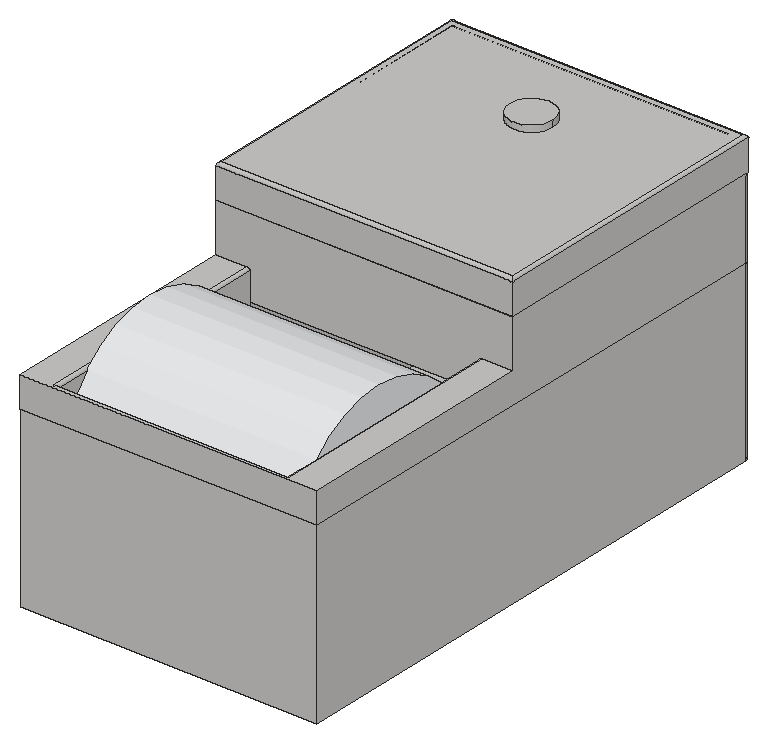
Revit family "rba-bim-b4288", category Specialty Equipment, host Face, Revit 2018
Family settings
  Host = Face
  Round Connector Dimension = Use Diameter
  Part Type = Normal
  OmniClass Number = 23.40.20.21.21
  OmniClass Title = Toilet Paper Dispensers
  Cut with Voids When Loaded = No
  Shared = No
  Room Calculation Point = No
Parameters (values of type "B-4288")
  URL = "www.rba.com.au"
  Type Comments = "Satin Finish"
  Product Page URL = ""
  Modified Issue = "20200612.01"
  Model = "B4288"
  Materials and Finishes = Stainless Steel - Bobrick - Satin
  Manufacturer = "RBA Group"
  Description = "Surface-Mounted Multi-Roll Toilet Tissue Dispenser"
  Default Elevation = 0.7112 m
  Copyright by = "RBA Group"  # constant formula
  Assembly Code = "C1030200"
  ADA Compliant = yes
Reference planes (m)
  plane 1 "Center (Front/Back)": y = 0
  plane 2: z = 0
  plane 3 "Center (Left/Right)": x = 0
  plane 4 "Left": x = -0.076994
  plane 5 "Right": x = 0.076994
  plane 6 "Top": y = 0.1397
  plane 7 "Bottom": y = -0.1397
  plane 8: x = -0.059531
  plane 9: x = 0.059531
  plane 10: y = -0.017463
  plane 11: y = -0.138113
  plane 12: x = -0.075406
  plane 13: x = 0.075406
  plane 14: y = 0.138112
  plane 15: y = -0.0127
  plane 16: z = 0.150812
  plane 17: z = 0.092075
  plane 18: z = 0.149225
  plane 19: z = 0.001587
  plane 20: z = 0.13335
  plane 21: z = 0.093662
  plane 22: z = 0.10795
  plane 23: y = 0.09525
  plane 24: z = 0.153987
  plane 25: y = -0.077788
  plane 26: z = 0.066675
  plane 27: z = 0
Forms (m)
  Extrusion 1, solid, material "Stainless Steel - Bobrick - Satin" <- "Materials and Finishes"
    sketch origin (0, 0, 0) x (1, 0, 0) y (0, 1, 0)
      loop
        arc (-0.075406, 0.1397) -> (-0.076529, 0.139235) -> (-0.076994, 0.138112) r 0.001588
        line (-0.076994, 0.138112) -> (-0.076994, -0.1397) -> (0.076994, -0.1397) -> (0.076994, 0.138123)
        arc (0.076994, 0.138123) -> (0.076532, 0.139238) -> (0.075417, 0.1397) r 0.001577
        line (0.075417, 0.1397) -> (-0.075406, 0.1397)
      loop
        line (-0.075406, 0.138112) -> (-0.075406, -0.138113) -> (0.075406, -0.138113) -> (0.075406, 0.138112) -> (-0.075406, 0.138112)
    from 0 to 0.092075
  Extrusion 2, solid, material "Stainless Steel - Bobrick - Satin" <- "Materials and Finishes"
    sketch origin (0, 0, 0) x (1, 0, 0) y (0, 1, 0)
      loop
        line (-0.076994, 0.138112) -> (-0.076994, -0.1397) -> (0.076994, -0.1397) -> (0.076994, 0.138123)
        arc (0.076994, 0.138123) -> (0.076532, 0.139238) -> (0.075417, 0.1397) r 0.001577
        line (0.075417, 0.1397) -> (-0.075406, 0.1397)
        arc (-0.075406, 0.1397) -> (-0.076529, 0.139235) -> (-0.076994, 0.138112) r 0.001588
    from 0 to 0.001587
  Sweep 3, solid, material "Stainless Steel - Bobrick - Satin" <- "Materials and Finishes"
    path origin (0, 0, 0) x (1, 0, 0) y (0, 1, 0)
      loop
        line (-0.076994, 0.1397) -> (-0.076994, -0.0127) -> (0.076994, -0.0127) -> (0.076994, 0.1397) -> (-0.076994, 0.1397)
    profile origin (0, 0.1397, 0) x (0, 1, 0) y (0, 0, 1)
      loop
        line (0, 0.13335) -> (0, 0.149225)
        arc (0, 0.149225) -> (-0.000465, 0.150348) -> (-0.001587, 0.150812) r 0.001588
        line (-0.001587, 0.150812) -> (-0.007938, 0.150812) -> (-0.007938, 0.149225) -> (-0.003175, 0.149225)
        arc (-0.003175, 0.149225) -> (-0.002052, 0.14876) -> (-0.001588, 0.147637) r 0.001588
        line (-0.001588, 0.147637) -> (-0.001587, 0.13335) -> (0, 0.13335)
  Extrusion 4, solid, material "Stainless Steel - Bobrick - Satin" <- "Materials and Finishes"
    sketch origin (0, 0, 0) x (1, 0, 0) y (0, 1, 0)
      loop
        line (-0.069056, 0.131762) -> (-0.069056, -0.004763) -> (0.069056, -0.004763) -> (0.069056, 0.131762) -> (-0.069056, 0.131762)
    from 0.149225 to 0.150812
  Extrusion 5, solid, material "Stainless Steel - Bobrick - Satin" <- "Materials and Finishes"
    sketch origin (0, 0, 0) x (1, 0, 0) y (0, 1, 0)
      loop
        arc (-0.075406, 0.1397) -> (-0.076529, 0.139235) -> (-0.076994, 0.138112) r 0.001588
        line (-0.076994, 0.138112) -> (-0.076994, -0.0127) -> (0.076994, -0.0127) -> (0.076994, 0.138123)
        arc (0.076994, 0.138123) -> (0.076532, 0.139238) -> (0.075417, 0.1397) r 0.001577
        line (0.075417, 0.1397) -> (-0.075406, 0.1397)
    from 0.092075 to 0.13335
  Extrusion 6, solid, material "Stainless Steel - Bobrick - Satin" <- "Materials and Finishes"
    sketch origin (0, 0, 0.014288) x (1, 0, 0) y (0, 0, 1)
      loop
        line (-0.075406, 0.092075) -> (-0.061377, 0.092075) -> (-0.061377, -0.0127) -> (-0.059531, -0.0127) -> (-0.059531, 0.092075)
        arc (-0.059531, 0.092075) -> (-0.059996, 0.093198) -> (-0.061119, 0.093663) r 0.001588
        line (-0.061119, 0.093663) -> (-0.075406, 0.093663) -> (-0.075406, 0.092075)
      loop
        line (0.075406, 0.092075) -> (0.075406, 0.093663) -> (0.061119, 0.093663)
        arc (0.061119, 0.093663) -> (0.059996, 0.093198) -> (0.059531, 0.092075) r 0.001588
        line (0.059531, 0.092075) -> (0.059531, -0.0127) -> (0.061377, -0.0127) -> (0.061377, 0.092075) -> (0.075406, 0.092075)
    from 0.0127 to 0.138112
  Extrusion 7, solid, material "Stainless Steel - Bobrick - Satin" <- "Materials and Finishes"
    sketch origin (0, 0, 0) x (1, 0, 0) y (0, 1, 0)
      loop
        line (-0.077016, -0.012721) -> (-0.077016, -0.1397) -> (0.076994, -0.1397) -> (0.076994, -0.0127) -> (0.075406, -0.0127) -> (0.075406, -0.138113) -> (-0.075406, -0.138113) -> (-0.075406, -0.012721) -> (-0.077016, -0.012721)
    from 0.092075 to 0.10795
  Extrusion 8, solid, material "Stainless Steel - Bobrick - Satin" <- "Materials and Finishes", detail levels fine
    sketch origin (0, 0, 0) x (1, 0, 0) y (0, 1, 0)
      loop
        circle (0, 0.09525) r 0.011113
    from 0.150812 to 0.153987
  Extrusion 9, solid, material "Tissue - Bobrick", detail levels medium+fine
    sketch origin (0, 0, 0) x (0, 1, 0) y (0, 0, 1)
      loop
        circle (-0.077788, 0.066675) r 0.05715
      loop
        circle (-0.077788, 0.066675) r 0.0127
    from -0.059531 to 0.059531
Cuts and joins
  joined: Sweep 3, Extrusion 4
  joined: Extrusion 5, Extrusion 6, Extrusion 7
  joined: Extrusion 1, Extrusion 2
Lines and regions (m)
  Masking region 1
    outline origin (0, 0, 0.153987) x (1, 0, 0) y (0, 1, 0)
      loop
        line (-0.077015, 0.139722) -> (-0.077015, -0.1397) -> (0.076994, -0.1397) -> (0.076994, 0.139722) -> (-0.077015, 0.139722)
  Masking region 2
    outline origin (0, 0, 0) x (1, 0, 0) y (0, 0, 1)
      loop
        line (0.076994, 0) -> (0.076994, 0.149357)
        spline (0.076994, 0.149357) -> (0.076945, 0.14956) -> (0.07688, 0.149755) -> (0.076801, 0.149939) -> (0.076708, 0.150109) -> (0.076603, 0.150264) -> (0.076486, 0.150403) -> (0.076359, 0.150523) -> (0.076223, 0.150623) -> (0.07608, 0.150702) -> (0.075932, 0.150759) -> (0.07578, 0.150794) -> (0.075626, 0.150813)
        line (0.075626, 0.150813) -> (-0.075622, 0.150805)
        spline (-0.075622, 0.150805) -> (-0.075773, 0.150793) -> (-0.075924, 0.150759) -> (-0.076071, 0.150701) -> (-0.076213, 0.150621) -> (-0.076348, 0.15052) -> (-0.076475, 0.150399) -> (-0.076593, 0.150259) -> (-0.0767, 0.150102) -> (-0.076794, 0.14993) -> (-0.076875, 0.149745) -> (-0.076942, 0.149548) -> (-0.076994, 0.149343)
        line (-0.076994, 0.149343) -> (-0.076994, 0) -> (0.076994, 0)
  Masking region 3, detail levels fine
    outline origin (0, 0, 0) x (1, 0, 0) y (0, 0, 1)
      loop
        line (-0.011112, 0.153987) -> (-0.011112, 0.150813) -> (0.011113, 0.150813) -> (0.011113, 0.153987) -> (-0.011112, 0.153987)
  Masking region 4
    outline origin (0, 0, 0) x (0, 1, 0) y (0, 0, 1)
      loop
        line (0.1397, 0) -> (0.1397, 0.149225)
        arc (0.1397, 0.149225) -> (0.139235, 0.150348) -> (0.138112, 0.150812) r 0.001588
        line (0.138112, 0.150812) -> (-0.011113, 0.150812)
        arc (-0.011113, 0.150812) -> (-0.012235, 0.150348) -> (-0.0127, 0.149225) r 0.001588
        line (-0.0127, 0.149225) -> (-0.0127, 0.10795) -> (-0.1397, 0.10795) -> (-0.1397, 0) -> (0.1397, 0)
  Masking region 5, detail levels fine
    outline origin (0, 0, 0) x (0, 1, 0) y (0, 0, 1)
      loop
        line (0.106362, 0.153987) -> (0.084137, 0.153987) -> (0.084137, 0.150812) -> (0.106362, 0.150812) -> (0.106362, 0.153987)
  Masking region 6, detail levels medium+fine
    outline origin (0, 0, 0) x (0, 1, 0) y (0, 0, 1)
      loop
        arc (-0.038259, 0.10795) -> (-0.077788, 0.123825) -> (-0.117316, 0.10795) r 0.05715
        line (-0.117316, 0.10795) -> (-0.038259, 0.10795)
  symbolic lines, style "Restroom Accessories"
    curve 1: line (-0.076994, -0.017463, 0.153987) -> (-0.059531, -0.017463, 0.153987)
    curve 2: line (-0.059531, -0.017463, 0.153987) -> (-0.059531, -0.1397, 0.153987)
    curve 3: line (0.059531, -0.1397, 0.153987) -> (0.059531, -0.017463, 0.153987)
    curve 4: line (0.059531, -0.017463, 0.153987) -> (0.076994, -0.017463, 0.153987)
    curve 5: line (-0.077016, -0.012721, 0.153987) -> (0.076994, -0.012721, 0.153987)
    curve 6: line (0.075406, -0.017463, 0.153987) -> (0.075406, -0.012721, 0.153987)
    curve 7: line (-0.075406, -0.017463, 0.153987) -> (-0.075406, -0.012721, 0.153987)
    curve 13: line (0, 0.1397, 0.093662) -> (0, -0.1397, 0.093662)
    curve 14: line (0, 0.1397, 0.13335) -> (0, -0.0127, 0.13335)
  symbolic lines, style "Restroom Accessories", detail levels fine
    curve 8: arc (0.011113, 0.09525, 0.153987) -> (0, 0.106362, 0.153987) -> (-0.011112, 0.09525, 0.153987) r 0.011113
    curve 9: arc (-0.011112, 0.09525, 0.153987) -> (0, 0.084137, 0.153987) -> (0.011113, 0.09525, 0.153987) r 0.011113
    curve 10: spline (0, 0.0889, 0.153987) -> (0.000411, 0.089116, 0.153987) -> (0.000794, 0.089751, 0.153987) -> (0.001123, 0.09076, 0.153987) -> (0.001375, 0.092075, 0.153987) -> (0.001533, 0.093606, 0.153987) -> (0.001588, 0.09525, 0.153987) -> (0.001533, 0.096894, 0.153987) -> (0.001375, 0.098425, 0.153987) -> (0.001123, 0.09974, 0.153987) -> (0.000794, 0.100749, 0.153987) -> (0.000411, 0.101384, 0.153987) -> (0, 0.1016, 0.153987) -> (-0.000411, 0.101384, 0.153987) -> (-0.000794, 0.100749, 0.153987) -> (-0.001123, 0.09974, 0.153987) -> (-0.001375, 0.098425, 0.153987) -> (-0.001533, 0.096894, 0.153987) -> (-0.001587, 0.09525, 0.153987) -> (-0.001533, 0.093606, 0.153987) -> (-0.001375, 0.092075, 0.153987) -> (-0.001123, 0.09076, 0.153987) -> (-0.000794, 0.089751, 0.153987) -> (-0.000411, 0.089116, 0.153987) -> (0, 0.0889, 0.153987)
  symbolic lines, style "Restroom Accessories", detail levels medium+fine
    curve 11: line (-0.059531, -0.134938, 0.153987) -> (0.059531, -0.134938, 0.153987)
    curve 12: line (-0.059531, -0.020638, 0.153987) -> (0.059531, -0.020638, 0.153987)
Dimensions and locks (m)
  equal spacing: plane 4 "Left", plane 3 "Center (Left/Right)", plane 5 "Right"
  locked: plane 4 "Left" to plane 5 "Right" at 0.153987
  equal spacing: plane 6 "Top", plane 1 "Center (Front/Back)", plane 7 "Bottom"
  locked: plane 6 "Top" to plane 7 "Bottom" at 0.2794
  locked: plane 4 "Left" to plane 8 at 0.017463
  locked: plane 9 to plane 5 "Right" at 0.017463
  locked: plane 7 "Bottom" to plane 10 at 0.122237
  locked: plane 7 "Bottom" to plane 11 at 0.001588
  locked: plane 4 "Left" to plane 12 at 0.001588
  locked: plane 13 to plane 5 "Right" at 0.001588
  locked: plane 6 "Top" to plane 14 at 0.001588
  locked: plane 6 "Top" to plane 15 at 0.1524
  locked: plane 16 to level at 0.150813
  locked: plane 16 to plane 18 at 0.001587
  locked: plane 19 to level at 0.001587
  locked: plane 16 to plane 20 at 0.017463
  locked: plane 18 to plane 17 at 0.05715
  plane 17 to level = 0.092075 m
  locked: plane 21 to plane 17 at 0.001587
  plane 22 to plane 17 = 0.015875 m
  locked: Extrusion 6 sketch curve to Extrusion 6 sketch curve at 0.001846  (x2)
  Extrusion 6 sketch curve to Extrusion 6 sketch curve = 0.001846 m
  locked: plane 24 to plane 16 at 0.003175
  locked: plane 3 "Center (Left/Right)" to Extrusion 8 sketch curve at 0
  locked: plane 23 to Extrusion 8 sketch curve at 0
  locked: plane 25 to Extrusion 9 sketch curve  (x2)
  locked: plane 26 to Extrusion 9 sketch curve at 0  (x2)
  locked: plane 26 to plane 2 at 0.066675
  aligned and locked: plane 2 to host face
  aligned and locked: level to host face
  aligned and locked: Extrusion 1 sketch curve to plane 6 "Top"
  aligned and locked: Extrusion 1 sketch curve to plane 4 "Left"
  aligned and locked: Extrusion 1 sketch curve to plane 7 "Bottom"
  aligned and locked: Extrusion 1 sketch curve to plane 5 "Right"
  aligned and locked: plane 14 to Extrusion 1 sketch curve
  aligned and locked: Extrusion 1 sketch curve to plane 12
  aligned and locked: Extrusion 1 sketch curve to plane 11
  aligned and locked: plane 13 to Extrusion 1 sketch curve
  aligned and locked: Extrusion 1 to level
  aligned and locked: Extrusion 2 sketch curve to Extrusion 1  (x2)
  aligned and locked: Extrusion 2 to level
  aligned and locked: plane 19 to Extrusion 2
  aligned and locked: plane 17 to Extrusion 1
  aligned and locked: Sweep 3 sketch curve to plane 4 "Left"
  aligned and locked: Sweep 3 sketch curve to plane 15
  aligned and locked: plane 6 "Top" to Sweep 3 sketch curve
  aligned and locked: plane 16 to Sweep 3 sketch curve
  aligned and locked: plane 20 to Sweep 3 sketch curve
  aligned and locked: Sweep 3 sketch curve to plane 14
  aligned and locked: plane 18 to Sweep 3 sketch curve
  aligned and locked: Extrusion 4 sketch curve to Sweep 3  (x4)
  aligned and locked: Extrusion 4 to plane 18
  aligned and locked: plane 16 to Extrusion 4
  aligned and locked: Extrusion 5 sketch curve to cut or joined group of Sweep 3, Extrusion 4  (x2)
  aligned and locked: plane 20 to Extrusion 5
  aligned: Extrusion 5 to plane 21
  aligned and locked: Extrusion 5 to plane 17
  aligned and locked: Extrusion 6 sketch curve to plane 19
  aligned and locked: plane 19 to Extrusion 6 sketch curve
  aligned and locked: plane 22 to Extrusion 6 sketch curve
  aligned and locked: plane 9 to Extrusion 6 sketch curve
  aligned and locked: plane 8 to Extrusion 6 sketch curve
  aligned and locked: Extrusion 6 sketch curve to plane 22
  aligned and locked: Extrusion 6 sketch curve to plane 12
  aligned and locked: Extrusion 6 sketch curve to plane 13
  aligned and locked: Extrusion 7 sketch curve to cut or joined group of Sweep 3, Extrusion 4  (x2)
  aligned and locked: Extrusion 7 sketch curve to plane 13
  aligned and locked: Extrusion 7 to plane 17
  aligned and locked: plane 22 to Extrusion 7
  aligned and locked: plane 11 to Extrusion 6
  aligned and locked: Extrusion 8 to plane 16
  aligned and locked: plane 24 to Extrusion 8
  aligned and locked: plane 8 to Extrusion 9
  aligned and locked: Extrusion 9 to plane 9
  aligned and locked: Masking region 1 sketch curve to cut or joined group of Sweep 3, Extrusion 4  (x2)
  aligned and locked: plane 10 to curve 1
  aligned and locked: curve 5 to cut or joined group of Sweep 3, Extrusion 4
  aligned and locked: curve 8 to Extrusion 8
  aligned and locked: curve 9 to Extrusion 8
  aligned and locked: host face to Masking region 2 sketch curve
  aligned and locked: Masking region 2 sketch curve to plane 16
  aligned and locked: Masking region 3 sketch curve to Extrusion 8  (x4)
  aligned and locked: Masking region 4 sketch curve to cut or joined group of Sweep 3, Extrusion 4  (x2)
  aligned and locked: plane 21 to curve 13
  aligned and locked: curve 14 to cut or joined group of Sweep 3, Extrusion 4
  aligned and locked: Masking region 5 sketch curve to Extrusion 8  (x2)
  aligned and locked: Masking region 6 sketch curve to Extrusion 9
  aligned and locked: plane 5 "Right" to cut or joined group of Extrusion 5, Extrusion 6, Extrusion 7
  aligned and locked: plane 6 "Top" to cut or joined group of Extrusion 5, Extrusion 6, Extrusion 7
  aligned and locked: Extrusion 7 sketch curve to plane 7 "Bottom"
  aligned and locked: plane 7 "Bottom" to Extrusion 2 sketch curve
  aligned and locked: Extrusion 7 sketch curve to plane 5 "Right"
  aligned and locked: plane 11 to Extrusion 7 sketch curve
  aligned and locked: plane 12 to Extrusion 7 sketch curve
  aligned and locked: Extrusion 7 sketch curve to plane 15
  aligned: cut or joined group of Extrusion 5, Extrusion 6, Extrusion 7 to plane 10
  aligned and locked: cut or joined group of Extrusion 5, Extrusion 6, Extrusion 7 to plane 15
Automatic sketch dimensions
  host sketch curve to host sketch curve = 2.4384 m  (x2)
  Extrusion 1 sketch curve to plane 12 = 0.000 m
  Extrusion 1 sketch curve to plane 13 = 0.00001 m
  Sweep 3 sketch curve to plane 5 "Right" = 0.000 m
  Sweep 3 sketch curve to plane 6 "Top" = 0.000 m
  Sweep 3 sketch curve to Sweep 3 sketch curve = 0.001587 m
  Sweep 3 sketch curve to Sweep 3 sketch curve = 0.004763 m
  profile plane to Sweep 3 sketch curve = 0.001588 m
  Extrusion 5 sketch curve to plane 12 = 0.000 m
  plane 6 "Top" to Extrusion 5 sketch curve = 0.000 m
  plane 5 "Right" to Extrusion 5 sketch curve = 0.000 m
  Extrusion 5 sketch curve to plane 13 = 0.00001 m
  plane 8 to Extrusion 6 sketch curve = 0.001588 m
  Extrusion 6 sketch curve to plane 9 = 0.001588 m
  Extrusion 6 sketch curve to Extrusion 6 sketch curve = 0.000 m
  Extrusion 6 sketch curve to plane 22 = 0.001587 m
  Masking region 2 sketch curve to plane 13 = 0.00022 m
  Masking region 2 sketch curve to plane 13 = 0.000198 m
  Masking region 2 sketch curve to plane 16 = 0.000008 m  (x2)
  Masking region 2 sketch curve to Masking region 2 sketch curve = 0.000023 m
  plane 18 to Masking region 2 sketch curve = 0.000132 m
  Masking region 2 sketch curve to plane 16 = 0.000 m
  Masking region 2 sketch curve to Masking region 2 sketch curve = 0.000 m  (x2)
  plane 18 to Masking region 2 sketch curve = 0.000118 m
  plane 12 to Masking region 2 sketch curve = 0.000238 m
  plane 12 to Masking region 2 sketch curve = 0.000215 m
  Masking region 2 sketch curve to Masking region 2 sketch curve = 0.000022 m
  curve 13 to plane 7 "Bottom" = 0.000 m
  curve 14 to plane 15 = 0.000 m
  curve 14 to plane 6 "Top" = 0.000 m
  curve 13 to plane 6 "Top" = 0.000 m
  plane 23 to Masking region 5 sketch curve = 0.011112 m
  Masking region 5 sketch curve to plane 23 = 0.011112 m
  Masking region 6 sketch curve to plane 22 = 0.000 m
  plane 4 "Left" to Masking region 2 sketch curve = 0.000 m
  Masking region 2 sketch curve to plane 5 "Right" = 0.000 m
  Masking region 4 sketch curve to level = 0.000 m
  curve 1 to curve 7 = 0.001587 m
  curve 5 to curve 7 = 0.001609 m
  curve 2 to curve 3 = 0.119062 m
  curve 6 to curve 5 = 0.001587 m
  curve 6 to curve 4 = 0.001587 m
  curve 4 to curve 5 = 0.004741 m
  curve 12 to curve 3 = 0.003175 m
  curve 11 to curve 12 = 0.1143 m
  curve 3 to curve 11 = 0.004762 m
  curve 2 to curve 11 = 0.004762 m
  curve 10 to curve 8 = 0.00635 m
  curve 10 to curve 8 = 0.000 m  (x2)
  curve 7 to curve 1 = 0.015875 m
  curve 3 to curve 6 = 0.015875 m
  Masking region 1 sketch curve to Masking region 1 sketch curve = 0.154009 m
  Masking region 1 sketch curve to Masking region 1 sketch curve = 0.279422 m
  Masking region 4 sketch curve to plane 7 "Bottom" = 0.000 m
  Masking region 4 sketch curve to plane 22 = 0.000 m
  curve 2 to curve 10 = 0.059531 m
  radius of Extrusion 8 sketch curve = 0.011113 m
  radius of Extrusion 9 sketch curve = 0.05715 m
  radius of Extrusion 9 sketch curve = 0.0127 m
